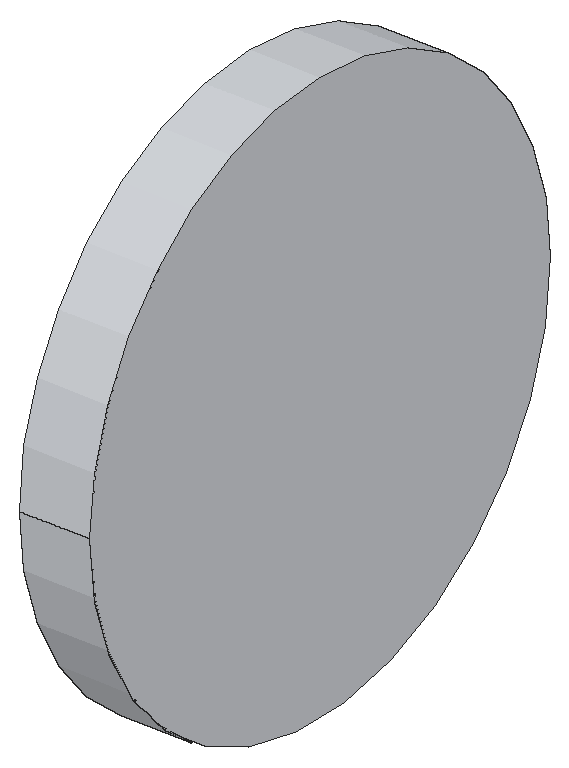
Revit family "747da41cfa684f198721cfc52d523d28", category Pipe Fittings, Revit 2021
Family settings
  Round Connector Dimension = Use Radius
  Part Type = Cap
  OmniClass Number = 23.60.30.11.14
  OmniClass Title = Pipework Fittings
  Seek Item ID = Cap - PVC - Sch 40-0000-USA-ENU
  Work Plane-Based = No
  Always vertical = Yes
  Cut with Voids When Loaded = No
  Shared = No
Parameters (values of type "Standard")
  Nominal Radius [instance] = 1.5"
  Nominal Diameter [instance] = Nominal Radius * 2  # 3"
  Loss Method = Not Defined
  Socket Outside Radius [instance] = Socket Outside Diameter / 2  # 2.24"
  Socket Outside Diameter [instance] = size_lookup(Lookup Table Name, "SOD", 1.08 * Nominal Diameter + 1.12109", Nominal Diameter)  # 4.48"
  Lookup Table Name = "Plug Flat - MJ - GI - Class 250"
  Default Elevation = 0.0000"
  Bevel Length [instance] = size_lookup(Lookup Table Name, "BvLgt", 0.04 * Nominal Diameter + 0.4300", Nominal Diameter)  # 0.52"
  Gland Width [instance] = size_lookup(Lookup Table Name, "GWid", 0.03 * Nominal Diameter + 0.9400", Nominal Diameter)  # 0.94"
  Gland Outside Radius [instance] = Gland Outside Diameter / 2  # 3.845"
  Gland Outside Diameter [instance] = size_lookup(Lookup Table Name, "GOD", 1.16 * Nominal Diameter + 4.0300", Nominal Diameter)  # 7.69"
Reference planes (in)
  plane 1 "Center (Front/Back)": y = 0
  plane 2: z = 0
  plane 3 "Center (Left/Right)": x = 0
  plane 4: x = 1.46
  plane 5: y = 2.24
  plane 6: y = -2.24
  plane 7: x = 0.52
Forms (in)
  Extrusion 1, solid, detail levels fine
    sketch origin (0, 0, 0) x (0, 1, 0) y (0, 0, 1)
      loop
        circle (0, 0) r 2.24
    from 0 to 0.52
  Extrusion 2, solid, detail levels fine
    sketch origin (0, 0, 0) x (0, 1, 0) y (0, 0, 1)
      loop
        circle (0, 0) r 3.845
    from 0.52 to 1.46
Cuts and joins
  joined: Extrusion 1, Extrusion 2
Lines and regions (in)
  model lines, detail levels coarse+medium
    curve 1: line (0, 2.24, 0) -> (1.46, 2.24, 0)
    curve 2: line (1.46, 2.24, 0) -> (1.46, -2.24, 0)
    curve 3: line (1.46, -2.24, 0) -> (0, -2.24, 0)
Dimensions and locks (in)
  "Socket Outside Radius": plane 1 "Center (Front/Back)" to plane 5
  "Socket Outside Radius": plane 6 to plane 1 "Center (Front/Back)"
  "Gland Width": plane 7 to plane 4
  "Bevel Length": plane 3 "Center (Left/Right)" to plane 7
  "Socket Outside Radius": radius of Extrusion 1 sketch curve
  "Gland Outside Radius": radius of Extrusion 2 sketch curve
  aligned and locked: curve 2 to plane 4
  aligned and locked: plane 3 "Center (Left/Right)" to curve 1
  aligned and locked: plane 3 "Center (Left/Right)" to curve 3
  aligned and locked: curve 1 to plane 5
  aligned and locked: curve 3 to plane 6
  aligned and locked: plane 1 "Center (Front/Back)" to Extrusion 1 sketch curve
  aligned and locked: plane 2 to Extrusion 1 sketch curve
  aligned and locked: Extrusion 1 to plane 3 "Center (Left/Right)"
  aligned and locked: plane 7 to Extrusion 1
  aligned and locked: Extrusion 2 to plane 7
  aligned and locked: plane 4 to Extrusion 2
  aligned and locked: plane 2 to Extrusion 2 sketch curve
  aligned and locked: plane 1 "Center (Front/Back)" to Extrusion 2 sketch curve
Connectors (in)
  piping at (0, 0, 0), diameter 3, driven by "Nominal Radius"
    settings: on Extrusion 1, index 1, connector inside diameter 3", connector length 0.0000", flow factor 0, pipe flow 0 GPM, pressure drop 0.00 psi, fitting loss kfactor 0, connector angle 0.00°, fixture units 0, engagement length 0.0000", angle of deflection 0.00°, flow configuration 0, flow direction 0, fitting loss method 0, system type 28, joint type 0, gender type 0, connector reference index -1, connector utility 0, adjustable connector no, is connector primary yes, connector description ""
